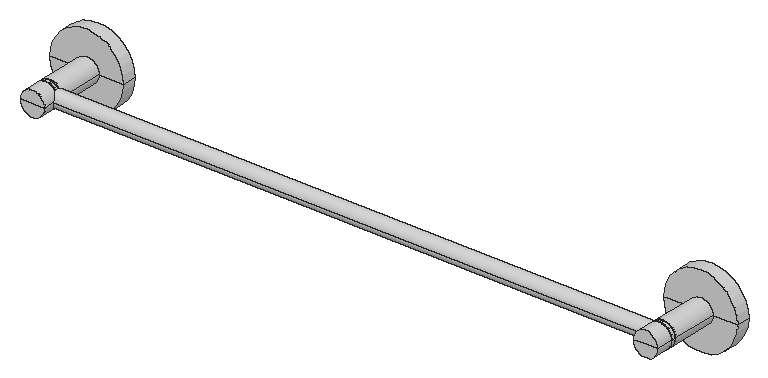
Revit family "Reece_Accessory_GROHE_Essentials_Towel Rail_450 mm", category Plumbing Fixtures, host Face, Revit 2018
Family settings
  Host = Face
  Round Connector Dimension = Use Diameter
  Part Type = Normal
  Cut with Voids When Loaded = Yes
  Shared = Yes
  Room Calculation Point = Yes
Parameters (values of type "Chrome")
  URL = "https://www.reece.com.au/product/-9506968"
  Type Comments = "Accessory"
  Reece_Product_Web Page = "https://www.reece.com.au/product/-9506968"
  Reece_Product_Type = "Accessory"  # constant formula
  Reece_Product_Sub Brand = "Essentials"  # constant formula
  Reece_Product_Number = "9506968"
  Reece_Product_Mount = "Wall Mounted"
  Reece_Product_Description = "GROHE Essentials Accessories Towel Rail 450mm Chrome"
  Reece_Product_Brand = "GROHE"  # constant formula
  Reece_Overall_Width = 504 mm  # constant formula
  Reece_Overall_Height = 54 mm  # constant formula
  Reece_Material_Main = Reece_Brass_Chrome
  Reece_Height_From_Level [instance] = 1000 mm
  Reece_Detail_Shape = ""
  Reece_Detail_Installation = ""
  Reece_Detail_Disclaimer = "THIS FILE IS THE PROPERTY OF THE REECE GROUP. IT MAY NOT BE REPRODUCED, REVERSE-ENGINEERED OR MODIFIED. ANY REPUBLICATION, TRANSMISSION OR DISTRIBUTION FOR THE PURPOSE OF COMMERCIALLY EXPLOITING THE FILES IS PROHIBITED."  # constant formula
  Reece_Detail_Connector = ""
  Reece_Detail_Additional = ""
  Reece_Accessory_Projection = 60 mm  # constant formula
  Model = "Essentials"
  Manufacturer = "GROHE"
  Keynote = "Product #9506968, Reece_Accessory_GROHE_Essentials_Towel Rail_450 mm - Chrome"
  Disclaimer = "THIS FILE IS THE PROPERTY OF THE REECE GROUP. IT MAY NOT BE REPRODUCED, REVERSE-ENGINEERED OR MODIFIED. ANY REPUBLICATION, TRANSMISSION OR DISTRIBUTION FOR THE PURPOSE OF COMMERCIALLY EXPLOITING THE FILES IS PROHIBITED."  # constant formula
  Description = "GROHE Essentials Accessories Towel Rail 450mm Chrome"
  Default Elevation = 0 mm
Types (2, lengths in mm): name | Keynote
  (no name) | "Product #9506968, Reece_Accessory_GROHE_Essentials_Towel Rail_450 mm -  "
  Chrome | "Product #9506968, Reece_Accessory_GROHE_Essentials_Towel Rail_450 mm - Chrome"
Reference planes
  plane 1 "Center (Front/Back)": y = 0
  plane 2 "Bottom Host Plane": z = -5
  plane 3 "Center (Left/Right)": x = 0
  plane 4 "Fixing Point": z = 1000
  plane 5: x = -225
  plane 6: x = 225
  plane 7: y = -60
  plane 8: x = -252
  plane 9: x = 252
  plane 10: z = 1027
  plane 11: z = 973
Forms (mm)
  Revolve 1, solid, material "Reece_Brass_Chrome" <- "Reece_Material_Main"
    sketch origin (0, -1524, 1000) x (0, -1, 0) y (1, 0, 0)
      loop
        line (-1524, -225) -> (-1524, -252) -> (-1514, -252) -> (-1514, -233.9) -> (-1480, -233.9) -> (-1480, -233.1) -> (-1479, -233.1) -> (-1479, -233.9) -> (-1477, -233.9) -> (-1477, -233.1) -> (-1476, -233.1) -> (-1476, -233.9) -> (-1464, -233.9) -> (-1464, -225) -> (-1524, -225)
      axis (-1524, -225) -> (-1464, -225)
    angle from 0 to 360
  Extrusion 2, solid, material "Reece_Brass_Chrome" <- "Reece_Material_Main"
    sketch origin (0, -1, 0) x (0, 1, 0) y (0, 0, 1)
      loop
        circle (-45, 1000) r 6
    from -225 to 225
  Revolve 3, solid, material "Reece_Brass_Chrome" <- "Reece_Material_Main"
    sketch origin (0, -1524, 1000) x (0, -1, 0) y (1, 0, 0)
      loop
        line (-1524, 225) -> (-1464, 225) -> (-1464, 233.9) -> (-1476, 233.9) -> (-1476, 233.1) -> (-1477, 233.1) -> (-1477, 233.9) -> (-1479, 233.9) -> (-1479, 233.1) -> (-1480, 233.1) -> (-1480, 233.9) -> (-1514, 233.9) -> (-1514, 252) -> (-1524, 252) -> (-1524, 225)
      axis (-1524, 225) -> (-1464, 225)
    angle from 0 to 360
Cuts and joins
  joined: Revolve 1, Extrusion 2, Revolve 3
Lines and regions (mm)
  model lines, style "InvisibleLines"
    curve 1: line (0, 0, -5) -> (0, 0, 1000)
Text (mm)
  text "Reece ©" at (2631.852, -2363.249, 3021.712), in view "Reece Preview"
  text "Reece ©" at (164.135, -204.085, -1020.679), in view "Ref. Level"
Dimensions and locks
  locked: plane 2 "Bottom Host Plane" to level at 5
  "Reece_Height_From_Level": plane 4 "Fixing Point" to level
  "Reece_Overall_Width": plane 8 to plane 9
  "Reece_Accessory_Projection": plane 1 "Center (Front/Back)" to plane 7
  "Reece_Overall_Height": plane 10 to plane 11
  locked: plane 11 to plane 4 "Fixing Point" at 27
  aligned and locked: plane 4 "Fixing Point" to curve 1
  aligned and locked: plane 3 "Center (Left/Right)" to curve 1
  aligned and locked: plane 2 "Bottom Host Plane" to curve 1
Automatic sketch dimensions
  curve 1 to plane 2 "Bottom Host Plane" = 0 mm
  plane 4 "Fixing Point" to Extrusion 2 sketch curve = 0 mm
  plane 7 to Extrusion 2 sketch curve = 14 mm
  Revolve 1 sketch curve to plane 5 = 0 mm  (x2)
  plane 1 "Center (Front/Back)" to Revolve 1 sketch curve = 0 mm
  Revolve 1 sketch curve to plane 8 = 0 mm
  Revolve 1 sketch curve to plane 7 = 0 mm
  Revolve 1 sketch curve to Revolve 1 sketch curve = 10 mm
  Revolve 1 sketch curve to Revolve 1 sketch curve = 16 mm
  Revolve 1 sketch curve to Revolve 1 sketch curve = 1 mm  (x2)
  Revolve 1 sketch curve to Revolve 1 sketch curve = 2 mm
  Revolve 1 sketch curve to plane 5 = 8.9 mm  (x2)
  Revolve 1 sketch curve to Revolve 1 sketch curve = 0 mm
  Revolve 1 sketch curve to Revolve 1 sketch curve = 0.8 mm  (x2)
  Revolve 1 sketch curve to plane 1 "Center (Front/Back)" = 15 mm
  Revolve 1 sketch curve to plane 7 = 55 mm
  Revolve 3 sketch curve to plane 6 = 0 mm  (x2)
  plane 1 "Center (Front/Back)" to Revolve 3 sketch curve = 0 mm
  Revolve 3 sketch curve to plane 9 = 0 mm
  Revolve 3 sketch curve to plane 7 = 0 mm
  Revolve 3 sketch curve to Revolve 3 sketch curve = 10 mm
  Revolve 3 sketch curve to Revolve 3 sketch curve = 16 mm
  Revolve 3 sketch curve to Revolve 3 sketch curve = 1 mm  (x2)
  Revolve 3 sketch curve to Revolve 3 sketch curve = 2 mm
  Revolve 3 sketch curve to plane 6 = 8.1 mm
  Revolve 3 sketch curve to Revolve 3 sketch curve = 0 mm
  Revolve 3 sketch curve to Revolve 3 sketch curve = 0.8 mm  (x3)
  Revolve 3 sketch curve to plane 1 "Center (Front/Back)" = 15 mm
  Revolve 3 sketch curve to plane 7 = 55 mm
  radius of Extrusion 2 sketch curve = 6 mm
